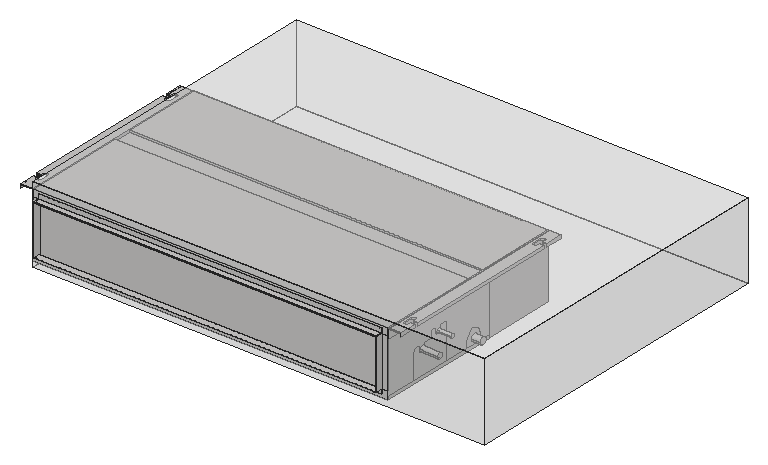
Revit family "outputfile", category 機械設備, Revit 2024
Family settings
  丸型コネクタ寸法 = 半径を使用
  パーツ タイプ = 標準
  OmniClass 番号 = 23.75.10.24.21.27.27
  OmniClass タイトル = Split System Air Conditioning Units
  作業面ベース = いいえ
  常に垂直 = はい
  ロード時にボイドで切り取り = いいえ
  注釈の向きを維持 = いいえ
  共有 = いいえ
  部屋計算ポイント = はい
Parameters (values of type "FDF24BV2S")
  Description = ""
  書き出し IFC クラス(タイプ) = "IfcUnitaryEquipmentType"
  定義済み IFC タイプ(タイプ) = "AIRCONDITIONINGUNIT"
  Cost = 0
  Type Comments = ""
  Keynote = ""
  Type Image = (empty or 0)
  Assembly Code = ""
  switch_frequency = yes
  ld_powersupply = Depth / 2  # 310.0 mm
  製造元 = "Daikin"
  モデル = "FDF24BV2S"
  r_Liquid Pipe Size = Liquid Pipe Size / 2  # 4.75 mm
  r_Gas Pipe Size = Gas Pipe Size / 2  # 7.95 mm
  r_Drain Pipe Size = Drain Pipe Size / 2  # 10.0 mm
  lw_powersupply = 50.0 mm  # constant formula
  lw_ductflange2 = 1020.0 mm
  lw_Width = 1060.0 mm
  lh_suctionflange [instance] = 100.0 mm  # constant formula
  ld_suctionflange [instance] = if(Rear Connection_Return Air, 190.0 mm, 100.0 mm)  # 190.0 mm
  connector_voltage = Voltage_50Hz  # 220 V
  connector_powerinput = [Power Input (Cooling)]  # 0.000 kW
  connector_phase = Phase_50Hz  # 1
  angle_vertical_RA [instance] = if(Rear Connection_Return Air, 90.00°, 0.00°)  # 90.00°
  angle horizontal_RA [instance] = if(Rear Connection_Return Air, 180.00°, 270.00°)  # 180.00°
  Voltage_comment_50Hz = "220 - 240"
  Voltage_50Hz = 220 V
  URL = ""
  Supply Air Direction [instance] = yes
  Sound Power Level_H speed (dB) = 0
  Rear Connection_Return Air [instance] = not(Bottom Connection_Return Air)  # yes
  RA_length [instance] = if(Rear Connection_Return Air, 190.0 mm, 100.0 mm)  # 190.0 mm
  Phase_50Hz = 1
  Minimum External Static Pressure = 0.00 Pa
  Minimum Circuit Amps_50Hz = 0.0 A
  Maximum Fuse Amps_50Hz = 0.0 A
  Maximum External Static Pressure = 40.00 Pa
  Material_Casing = DAIKIN_GalvanizedSteel_Casing_indoorunit
  lw_liquidpipe = 46.0 mm  # constant formula
  lw_gaspipe = 57.0 mm  # constant formula
  lw_mountinghole = 1140.0 mm
  lw_drainpipe = 30.0 mm  # constant formula
  lh_powersupply = 150.0 mm  # constant formula
  lh_liquidpipe = 90.0 mm  # constant formula
  lh_gaspipe = 113.0 mm  # constant formula
  lh_mountinghole = Height  # 200.0 mm
  lh_drainpipe = 170.0 mm  # constant formula
  lh_antena = 1.0 mm  # constant formula
  ld_liquidpipe = 193.0 mm  # constant formula
  ld_gaspipe = 130.0 mm  # constant formula
  ld_mountinghole = 500.0 mm  # constant formula
  ld_drainpipe = 330.0 mm  # constant formula
  ld_controlbox = 626.0 mm  # constant formula
  h*** = 0.0 mm  # constant formula
  d_dischargeflange = 21.2 mm  # constant formula
  Width = 1100.0 mm
  Version = "ver.1.0"
  Unit Type = "L.S.P. Duct"
  Unit Mass Weight = 30.00 kg
  Unit Designation [instance] = ""
  Uniclass2015Version = "Products v1.30"
  Uniclass2015Title = "Split coil room air conditioning units"
  Uniclass2015Code = "Pr_70_65_03_86"
  Total Cooling Capacity [instance] = 0.000 kW
  Sound Pressure Level_M speed (dBA) = 0
  Sound Pressure Level_L speed (dBA) = 34
  Sound Pressure Level_H speed (dBA) = 38
  Series = "SkyAir_Fan Coil Unit"
  Sensible Cooling Capacity [instance] = 0.000 kW
  SA Duct Size Width = 1060.0 mm
  SA Duct Size Height = 153.0 mm
  Refrigerant Type = "R32"
  RA Duct Size Width = 980.0 mm
  RA Duct Size Height = 160.0 mm
  Power Input (Cooling) = 0.000 kW
  Option Accessory 3 [instance] = ""
  Option Accessory 2 [instance] = ""
  Option Accessory 1 [instance] = ""
  Nominal Cooling Capacity = 7.000 kW
  Minimum Airflow = 810.00 m³/h
  Median Airflow = 0.00 m³/h
  Maximum Airflow = 960.00 m³/h
  Load Classification = HVAC
  Liquid Pipe Size = 9.5 mm
  Link_Nested Family [instance] = ""
  IfcVersion = ""
  IfcExportType = "AIRCONDITIONINGUNIT"
  IfcExportAs = "IfcUnitaryEquipmentType"
  Height = 200.0 mm
  Heat Exchanger Type = "Cross Fin Coil"
  Gas Pipe Size = 15.9 mm
  Frequency_50Hz = 50 Hz
  Fan Type = "Sirocco Fan"
  Fan Drive = "Direct Drive"
  FCU Tag No. [instance] = ""
  Drain Pipe Size = 20.0 mm
  Design Supply Airflow [instance] = 0.00 m³/h
  Design Return Airflow [instance] = 0.00 m³/h
  Design External Static Pressure [instance] = 0.00 Pa
  Depth = 620.0 mm
  既定の高さ = 0.0 mm
  Cooling Entering Wet Bulb Temperature [instance] = 0.00 °C
  Cooling Entering Dry Bulb Temperature [instance] = 0.00 °C
  Cooling Ambient Wet Bulb Temperature [instance] = 0.00 °C
  Cooling Ambient Dry Bulb Temperature [instance] = 0.00 °C
  Clearance visibility [instance] = yes
  Clearance Top = 20.0 mm
  Clearance Right = 300.0 mm
  Clearance Rear = 400.0 mm
  Clearance Left = 0.0 mm
  Clearance Front = 0.0 mm
  Clearance Bottom = 20.0 mm
  Bottom Connection_Return Air [instance] = no
Reference planes
  plane 1 "Center (Front/Back)": y = 0
  plane 2: z = 0
  plane 3 "Center (Left/Right)": x = 0
  plane 4 "Back": y = 310
  plane 5 "Front": y = -310
  plane 6 "Left": x = -550
  plane 7 "Right": x = 550
  plane 8 "Top": z = 0
  plane 9 "Bottom": z = -200
  plane 10: x = -570
  plane 11: x = 570
  plane 12: y = 250
  plane 13: z = 0
  plane 14 "Clearance Left": x = -550
  plane 15 "Clearance Right": x = 850
  plane 16 "Clearance Rear": y = 710
  plane 17 "Clearance Front": y = -310
  plane 18 "Clearance Top": z = 20
  plane 19 "Clearance Bottom": z = -220
  plane 20: y = -250
  plane 21: z = -21
  plane 22: z = -97.5
  plane 23: x = -40
  plane 24: y = 120
  plane 25: z = -100
  plane 26: y = -180
  plane 27: z = -113
  plane 28: y = -117
  plane 29: z = -90
  plane 30: y = 20
  plane 31: z = -170
  plane 32: x = 607
  plane 33: x = 596
  plane 34: x = 580
  plane 35: x = 500
  plane 36: z = -150
Forms (mm)
  Extrusion 1, solid, material "DAIKIN_GalvanizedSteel_Casing_indoorunit" <- "Material_Casing"
    sketch origin (0, 0, 0) x (1, 0, 0) y (0, 1, 0)
      loop
        line (-550, -310) -> (550, -310) -> (550, 310) -> (-550, 310) -> (-550, -310)
    from -200 to 0
  Extrusion 2, void
    sketch origin (0, 0, 1) x (1, 0, 0) y (0, 1, 0)
      loop
        line (-550, 61.5) -> (-550, 3.5) -> (550, 3.5) -> (550, 61.5) -> (-550, 61.5)
    from -1 to -7
  Extrusion 3, solid, material "DAIKIN_GalvanizedSteel_Casing_indoorunit" <- "Material_Casing", visible <- "Bottom Connection_Return Air"
    sketch origin (0, 0, 0) x (1, 0, 0) y (0, 0, 1)
      loop
        line (469, -200) -> (469, -1) -> (-549, -1) -> (-549, -200) -> (469, -200)
    from -310 to -309
  Extrusion 4, solid, material "DAIKIN_GalvanizedSteel_Casing_indoorunit" <- "Material_Casing", visible <- "Rear Connection_Return Air"
    sketch origin (0, 0, 0) x (1, 0, 0) y (0, 1, 0)
      loop
        line (-549, 310) -> (-549, 111) -> (469, 111) -> (469, 310) -> (-549, 310)
    from -200 to -199
  Extrusion 5, solid, material "DAIKIN_GalvanizedSteel_Casing_indoorunit" <- "Material_Casing"
    sketch origin (550, 0, 0) x (0, 1, 0) y (0, 0, 1)
      loop
        circle (-180, -113) r 7.95
    from 0 to 57
  Extrusion 6, solid, material "DAIKIN_GalvanizedSteel_Casing_indoorunit" <- "Material_Casing"
    sketch origin (550, 0, 0) x (0, 1, 0) y (0, 0, 1)
      loop
        circle (-117, -90) r 4.75
    from 0 to 46
  Extrusion 7, solid, material "DAIKIN_GalvanizedSteel_Casing_indoorunit" <- "Material_Casing"
    sketch origin (550, 0, 0) x (0, 1, 0) y (0, 0, 1)
      loop
        circle (20, -170) r 10
    from 0 to 30
  Extrusion 8, solid, material "DAIKIN_GalvanizedSteel_Casing_indoorunit" <- "Material_Casing"
    sketch origin (550, 0, 0) x (0, 1, 0) y (0, 0, 1)
      loop
        line (-310, -200) -> (78.6, -200) -> (78.6, -193)
        arc (78.6, -193) -> (77.721, -190.879) -> (75.6, -190) r 3
        line (75.6, -190) -> (-310, -190) -> (-310, -200)
    from 0 to -1
  Extrusion 9, solid, material "DAIKIN_GalvanizedSteel_Casing_indoorunit" <- "Material_Casing"
    sketch origin (550, 0, 0) x (0, 1, 0) y (0, 0, 1)
      loop
        line (-210, -190) -> (-85.6, -190) -> (-85.6, -83)
        arc (-85.6, -83) -> (-86.479, -80.879) -> (-88.6, -80) r 3
        line (-88.6, -80) -> (-102, -80)
        arc (-102, -80) -> (-104.121, -80.879) -> (-105, -83) r 3
        line (-105, -83) -> (-105, -90)
        arc (-105, -90) -> (-117, -102) -> (-129, -90) r 12
        line (-129, -90) -> (-129, -83)
        arc (-129, -83) -> (-129.879, -80.879) -> (-132, -80) r 3
        line (-132, -80) -> (-136.1, -80)
        arc (-136.1, -80) -> (-138.221, -80.879) -> (-139.1, -83) r 3
        line (-139.1, -83) -> (-139.1, -102.7) -> (-165, -102.7)
        arc (-165, -102.7) -> (-167.121, -103.579) -> (-168, -105.7) r 3
        line (-168, -105.7) -> (-168, -113)
        arc (-168, -113) -> (-180, -125) -> (-192, -113) r 12
        line (-192, -113) -> (-192, -105.7)
        arc (-192, -105.7) -> (-192.879, -103.579) -> (-195, -102.7) r 3
        line (-195, -102.7) -> (-207, -102.7)
        arc (-207, -102.7) -> (-209.121, -103.579) -> (-210, -105.7) r 3
        line (-210, -105.7) -> (-210, -190)
    from 0 to -1
  Extrusion 10, solid, material "DAIKIN_GalvanizedSteel_Casing_indoorunit" <- "Material_Casing"
    sketch origin (550, 0, 0) x (0, 1, 0) y (0, 0, 1)
      loop
        arc (44.5, -170) -> (20, -145.5) -> (-4.5, -170) r 24.5
        line (-4.5, -170) -> (-4.5, -190) -> (44.5, -190) -> (44.5, -170)
    from 0 to -1
  Extrusion 11, solid, material "DAIKIN_GalvanizedSteel_Casing_indoorunit" <- "Material_Casing"
    sketch origin (550, 0, 0) x (0, 1, 0) y (0, 0, 1)
      loop
        arc (86.6, -22) -> (84.479, -22.879) -> (83.6, -25) r 3
        line (83.6, -25) -> (83.6, -194.5)
        arc (83.6, -194.5) -> (84.479, -196.621) -> (86.6, -197.5) r 3
        line (86.6, -197.5) -> (307, -197.5)
        arc (307, -197.5) -> (309.121, -196.621) -> (310, -194.5) r 3
        line (310, -194.5) -> (310, -25)
        arc (310, -25) -> (309.121, -22.879) -> (307, -22) r 3
        line (307, -22) -> (86.6, -22)
    from 0 to -1
Cuts and joins
  Extrusion 2 cuts Extrusion 1
Dimensions and locks
  "Height": plane 8 "Top" to plane 9 "Bottom"
  equal spacing: plane 10, plane 3 "Center (Left/Right)", plane 11
  "lw_mountinghole": plane 10 to plane 11
  equal spacing: plane 6 "Left", plane 3 "Center (Left/Right)", plane 7 "Right"
  "Width": plane 6 "Left" to plane 7 "Right"
  "Clearance Right": plane 7 "Right" to plane 15 "Clearance Right"
  "Clearance Left": plane 14 "Clearance Left" to plane 6 "Left"
  "Clearance Rear": plane 16 "Clearance Rear" to plane 4 "Back"
  "Clearance Front": plane 5 "Front" to plane 17 "Clearance Front"
  "Clearance Top": plane 18 "Clearance Top" to plane 8 "Top"
  "Clearance Bottom": plane 9 "Bottom" to plane 19 "Clearance Bottom"
  "Depth": plane 4 "Back" to plane 5 "Front"
  equal spacing: plane 4 "Back", plane 1 "Center (Front/Back)", plane 5 "Front"
  Extrusion 3 sketch curve to Extrusion 3 sketch curve = 199.0 mm
  locked: plane 20 to plane 5 "Front" at 60
  "ld_mountinghole": plane 12 to plane 20
  locked: plane 8 "Top" to plane 21 at 21
  locked: plane 23 to plane 3 "Center (Left/Right)" at 40
  "ld_suctionflange": plane 4 "Back" to plane 24
  "lh_suctionflange": plane 8 "Top" to plane 25
  "ld_gaspipe": plane 26 to plane 5 "Front"
  "lh_gaspipe": plane 8 "Top" to plane 27
  "ld_liquidpipe": plane 28 to plane 5 "Front"
  "lh_liquidpipe": plane 8 "Top" to plane 29
  "ld_drainpipe": plane 30 to plane 5 "Front"
  "lh_drainpipe": plane 8 "Top" to plane 31
  "lw_gaspipe": plane 7 "Right" to plane 32
  "lw_liquidpipe": plane 7 "Right" to plane 33
  "lw_drainpipe": plane 7 "Right" to plane 34
  "lw_powersupply": plane 35 to plane 7 "Right"
  "lh_powersupply": plane 8 "Top" to plane 36
  "r_Gas Pipe Size": radius of Extrusion 5 sketch curve
  "r_Liquid Pipe Size": radius of Extrusion 6 sketch curve
  "r_Drain Pipe Size": radius of Extrusion 7 sketch curve
  aligned and locked: level to plane 2
  aligned and locked: Extrusion 1 to plane 9 "Bottom"
  aligned and locked: plane 8 "Top" to Extrusion 1
  aligned and locked: plane 11 to nested 2
  aligned and locked: plane 10 to nested 3
  aligned and locked: plane 10 to nested 4
  aligned and locked: plane 8 "Top" to Extrusion 2
  aligned and locked: plane 9 "Bottom" to Extrusion 4  (x2)
  aligned and locked: plane 7 "Right" to cut or joined group of Extrusion 1, Extrusion 2  (x2)
  aligned and locked: plane 3 "Center (Left/Right)" to nested 9
  aligned and locked: plane 6 "Left" to nested 7
  aligned and locked: plane 8 "Top" to nested 9
  aligned and locked: plane 11 to nested 1
  aligned and locked: nested 6 to plane 1 "Center (Front/Back)"
  aligned and locked: plane 3 "Center (Left/Right)" to nested 6
  aligned and locked: level to plane 8 "Top"
  aligned and locked: plane 1 "Center (Front/Back)" to nested 9
  aligned and locked: plane 5 "Front" to nested 10
  aligned and locked: Extrusion 1 sketch curve to plane 5 "Front"
  aligned and locked: plane 21 to nested 10
  aligned and locked: nested 5 to plane 5 "Front"
  aligned and locked: plane 3 "Center (Left/Right)" to nested 5
  aligned and locked: plane 22 to nested 5
  aligned and locked: Extrusion 2 sketch curve to plane 6 "Left"
  aligned and locked: plane 7 "Right" to Extrusion 2 sketch curve
  aligned and locked: nested 11 to plane 23
  aligned and locked: nested 11 to plane 24
  aligned and locked: plane 27 to Extrusion 5 sketch curve
  aligned and locked: plane 26 to Extrusion 5 sketch curve
  aligned and locked: plane 28 to Extrusion 6 sketch curve
  aligned and locked: plane 29 to Extrusion 6 sketch curve
  aligned and locked: plane 31 to Extrusion 7 sketch curve
  aligned and locked: plane 30 to Extrusion 7 sketch curve
  aligned and locked: plane 26 to nested 12
  aligned and locked: nested 12 to plane 27
  aligned and locked: plane 32 to Extrusion 5
  aligned and locked: plane 32 to nested 12
  aligned and locked: plane 33 to Extrusion 6
  aligned and locked: plane 28 to nested 13
  aligned and locked: nested 13 to plane 29
  aligned and locked: plane 33 to nested 13
  aligned and locked: plane 34 to Extrusion 7
  aligned and locked: plane 30 to nested 14
  aligned and locked: nested 14 to plane 31
  aligned and locked: plane 34 to nested 14
  aligned and locked: Extrusion 8 sketch curve to plane 9 "Bottom"
  aligned and locked: Extrusion 8 sketch curve to plane 5 "Front"
  aligned and locked: plane 14 "Clearance Left" to nested 15
  aligned and locked: plane 15 "Clearance Right" to nested 15
  aligned and locked: plane 16 "Clearance Rear" to nested 15
  aligned and locked: nested 15 to plane 17 "Clearance Front"
  aligned and locked: nested 15 to plane 18 "Clearance Top"
  aligned and locked: nested 15 to plane 19 "Clearance Bottom"
  aligned and locked: nested 16 to plane 35
  aligned and locked: nested 16 to plane 36
  aligned and locked: plane 4 "Back" to nested 16
Automatic sketch dimensions
  Extrusion 1 sketch curve to plane 4 "Back" = 0.0 mm
  Extrusion 1 sketch curve to plane 6 "Left" = 0.0 mm
  Extrusion 1 sketch curve to plane 7 "Right" = 0.0 mm
  Extrusion 4 sketch curve to plane 4 "Back" = 0.0 mm
  plane 6 "Left" to Extrusion 3 sketch curve = 1.0 mm
  plane 6 "Left" to Extrusion 4 sketch curve = 1.0 mm
  Extrusion 4 sketch curve to plane 1 "Center (Front/Back)" = 111.0 mm
  Extrusion 3 sketch curve to plane 9 "Bottom" = 0.0 mm
  Extrusion 3 sketch curve to plane 7 "Right" = 81.0 mm
  Extrusion 4 sketch curve to plane 7 "Right" = 81.0 mm
  Extrusion 2 sketch curve to plane 1 "Center (Front/Back)" = 3.5 mm
  Extrusion 2 sketch curve to Extrusion 2 sketch curve = 58.0 mm
  plane 9 "Bottom" to Extrusion 8 sketch curve = 7.0 mm
  Extrusion 8 sketch curve to plane 24 = 44.4 mm
  Extrusion 8 sketch curve to Extrusion 8 sketch curve = 3.0 mm
  Extrusion 9 sketch curve to plane 27 = 0.0 mm
  Extrusion 9 sketch curve to plane 26 = 0.0 mm
  Extrusion 9 sketch curve to plane 29 = 0.0 mm
  Extrusion 9 sketch curve to plane 28 = 0.0 mm
  Extrusion 9 sketch curve to plane 26 = 12.0 mm
  Extrusion 9 sketch curve to plane 25 = 2.7 mm  (x2)
  Extrusion 9 sketch curve to Extrusion 9 sketch curve = 3.0 mm  (x6)
  Extrusion 9 sketch curve to Extrusion 9 sketch curve = 12.0 mm
  plane 9 "Bottom" to Extrusion 9 sketch curve = 10.0 mm
  Extrusion 9 sketch curve to plane 26 = 30.0 mm
  Extrusion 9 sketch curve to plane 28 = 22.1 mm
  Extrusion 9 sketch curve to Extrusion 9 sketch curve = 4.1 mm
  plane 29 to Extrusion 9 sketch curve = 7.0 mm  (x2)
  Extrusion 9 sketch curve to Extrusion 9 sketch curve = 13.4 mm
  Extrusion 10 sketch curve to plane 30 = 0.0 mm
  Extrusion 10 sketch curve to plane 31 = 0.0 mm
  plane 1 "Center (Front/Back)" to Extrusion 10 sketch curve = 4.5 mm
  plane 9 "Bottom" to Extrusion 10 sketch curve = 10.0 mm
  Extrusion 11 sketch curve to plane 4 "Back" = 0.0 mm
  Extrusion 11 sketch curve to Extrusion 11 sketch curve = 3.0 mm  (x3)
  Extrusion 11 sketch curve to plane 21 = 1.0 mm
  Extrusion 11 sketch curve to plane 21 = 4.0 mm
  Extrusion 11 sketch curve to plane 24 = 33.4 mm
  plane 9 "Bottom" to Extrusion 11 sketch curve = 5.5 mm
Nested families
  nested 1: "daikin_mountinghole" at (570, 250, -200), l_antenna <- "lh_antena", Link_Nested Family <- "Link_Nested Family", h_mountinghole <- "lh_mountinghole", type "daikin_mountinghole"
    with show yes, l_antenna 1.0 mm, h_mountinghole 200.0 mm, Link_Nested Family ""
  nested 2: "daikin_mountinghole" at (570, -250, -200), Link_Nested Family <- "Link_Nested Family", l_antenna <- "lh_antena", h_mountinghole <- "lh_mountinghole", type "daikin_mountinghole"
    with show yes, l_antenna 1.0 mm, h_mountinghole 200.0 mm, Link_Nested Family ""
  nested 3: "daikin_mountinghole" at (-570, -250, -200), l_antenna <- "lh_antena", Link_Nested Family <- "Link_Nested Family", h_mountinghole <- "lh_mountinghole", type "daikin_mountinghole"
    with show yes, l_antenna 1.0 mm, h_mountinghole 200.0 mm, Link_Nested Family ""
  nested 4: "daikin_mountinghole" at (-570, 250, -200), l_antenna <- "lh_antena", Link_Nested Family <- "Link_Nested Family", h_mountinghole <- "lh_mountinghole", type "daikin_mountinghole"
    with show yes, l_antenna 1.0 mm, h_mountinghole 200.0 mm, Link_Nested Family ""
  nested 5: "daikin_connector_rotate2" at (0, -310, -97.5), length <- "d_dischargeflange", type "daikin_connector_rotate2"
    with radius 10.0 mm, length 21.2 mm, angle_vertical 90.00°, show_face no
  nested 6: "daikin_△_symbolicline" at (-75, -129.904, 200) x (-0.5, 0.866, 0) z (0, 0, 1), built-in parameter 1001364 <- "Height", visible <- "Supply Air Direction", type "daikin_△_symbolicline"
    with length 300.0 mm
  nested 7: "daikin_ductflange_FDF-BV2S_1" at (-40, 310, -100), visible <- "Rear Connection_Return Air", material <- "Material_Casing", width <- "lw_ductflange2", type "daikin_ductflange_FDF-BV2S_1"
    with width 1020.0 mm, material DAIKIN_GalvanizedSteel_Casing_indoorunit, height 180.0 mm, depth 21.2 mm
  nested 8: "daikin_ductflange_FDF-BV2S_1" at (-40, 210, -200) x (1, 0, 0) z (0, 1, 0), visible <- "Bottom Connection_Return Air", material <- "Material_Casing", width <- "lw_ductflange2", type "daikin_ductflange_FDF-BV2S_1"
    with width 1020.0 mm, material DAIKIN_GalvanizedSteel_Casing_indoorunit, height 180.0 mm, depth 21.2 mm
  nested 9: "daikin_hangerfixture_FDF-BV2S" at (0, 0, 0), type "daikin_hangerfixture_FDF-BV2S"
    with width 1100.0 mm
  nested 10: "daikin_ductflange_FDF-BV2S" at (0, 3.5, -364.201), width <- "lw_Width", material <- "Material_Casing", type "daikin_ductflange_FDF-BV2S"
    with width 1060.0 mm, material DAIKIN_GalvanizedSteel_Casing_indoorunit, height 155.0 mm, depth 21.2 mm
  nested 11: "daikin_connector_rotate3" at (-40, 120, -100), length <- "RA_length", angle_vertical <- "angle_vertical_RA", angle_horizontal <- "angle horizontal_RA", type "daikin_connector_rotate3"
    with show no, radius 10.0 mm, length 190.0 mm, angle_vertical 90.00°, angle_horizontal 180.00°
  nested 12: "daikin_connector_rotate2" at (550, -180, -113) x (0, 1, 0) z (0, 0, 1), length <- "lw_gaspipe", radius <- "r_Gas Pipe Size", type "daikin_connector_rotate2"
    with radius 7.95 mm, length 57.0 mm, angle_vertical 90.00°, show_face no
  nested 13: "daikin_connector_rotate2" at (550, -117, -90) x (0, 1, 0) z (0, 0, 1), radius <- "r_Liquid Pipe Size", length <- "lw_liquidpipe", type "daikin_connector_rotate2"
    with radius 4.75 mm, length 46.0 mm, angle_vertical 90.00°, show_face no
  nested 14: "daikin_connector_rotate2" at (550, 20, -170) x (0, 1, 0) z (0, 0, 1), radius <- "r_Drain Pipe Size", length <- "lw_drainpipe", type "daikin_connector_rotate2"
    with radius 10.0 mm, length 30.0 mm, angle_vertical 90.00°, show_face no
  nested 15: "daikin_clearancespace" at (150, 200, -99.881), visible <- "Clearance visibility", Link_Nested Family <- "Link_Nested Family", show <- "Clearance visibility", type "daikin_clearancespace"
    with width 1400.0 mm, show yes, height 240.0 mm, depth 1020.0 mm, Link_Nested Family ""
  nested 16: "daikin_connector_rotate2" at (500, 0, -150) x (-1, 0, 0) z (0, 0, 1), length <- "ld_powersupply", type "daikin_connector_rotate2"
    with radius 10.0 mm, length 310.0 mm, angle_vertical 90.00°, show_face no
Connectors
  hvac at (0, -331.2, -97.5), driven by "SA Duct Size Height", driven by "SA Duct Size Width"
    settings: on nested 5, index 1, duct flow 0.00 m³/h, flow factor 0, pres drop 0.00 Pa, loss coef 0, conn angle 0.00°, conn width 1060.0 mm, conn height 153.0 mm, conn diameter 609.6 mm, duct sys type 1, conn prof type 1, flow config 0, flow direction 2, loss method 4, conn ref index -1, conn util no, is conn primary yes, conn desc "SA Duct"
  hvac at (-40, 310, -100), driven by "RA Duct Size Height", driven by "RA Duct Size Width"
    settings: on nested 11, index 2, duct flow 0.00 m³/h, flow factor 0, pres drop 0.00 Pa, loss coef 0, conn angle 0.00°, conn width 980.0 mm, conn height 160.0 mm, conn diameter 609.6 mm, duct sys type 2, conn prof type 1, flow config 0, flow direction 1, loss method 4, conn ref index -1, conn util no, is conn primary no, conn desc "RA Duct"
  piping at (607, -180, -113), diameter 15.9, driven by "r_Gas Pipe Size"
    settings: on nested 12, index 3, connector inside diameter 609.6 mm, connector length 0.0 mm, flow factor 0, pipe flow 0.00 m³/h, pressure drop 0.0 Pa, fitting loss kfactor 0, connector angle 0.00°, fixture units 0, engagement length 0.0 mm, angle of deflection 0.00°, flow configuration 1, flow direction 2, fitting loss method 0, system type 29, joint type 0, gender type 0, connector reference index -1, connector utility 0, adjustable connector no, is connector primary yes, connector description "Refrigerant Gas Piping"
  piping at (596, -117, -90), diameter 9.5, driven by "r_Liquid Pipe Size"
    settings: on nested 13, index 4, connector inside diameter 609.6 mm, connector length 0.0 mm, flow factor 0, pipe flow 0.00 m³/h, pressure drop 0.0 Pa, fitting loss kfactor 0, connector angle 0.00°, fixture units 0, engagement length 0.0 mm, angle of deflection 0.00°, flow configuration 1, flow direction 1, fitting loss method 0, system type 29, joint type 0, gender type 0, connector reference index -1, connector utility 0, adjustable connector no, is connector primary no, connector description "Refrigerant Liquid Piping"
  piping at (580, 20, -170), diameter 20, driven by "r_Drain Pipe Size"
    settings: on nested 14, index 5, connector inside diameter 609.6 mm, connector length 0.0 mm, flow factor 0, pipe flow 0.00 m³/h, pressure drop 0.0 Pa, fitting loss kfactor 0, connector angle 0.00°, fixture units 0, engagement length 0.0 mm, angle of deflection 0.00°, flow configuration 1, flow direction 2, fitting loss method 4, system type 16, joint type 0, gender type 0, connector reference index -1, connector utility 0, adjustable connector no, is connector primary no, connector description "Condensate Drain Piping"
  electrical at (500, 310, -150), driven by "Load Classification", driven by "connector_powerinput", driven by "connector_phase", driven by "connector_voltage"
    settings: on nested 16, index 6, voltage 220 V, apparent load 0 VA, apparent load phase1 0 VA, apparent load phase2 0 VA, apparent load phase3 0 VA, power factor 1, load classification "HVAC", number of poles 1, system type 30, power factor state 1, is connector primary yes, connector utility no, sub classification motor no, connector description "Power Supply"
Definition of nested family "daikin_ductflange_FDF-BV2S_1"
  Parameters (values of type "daikin_ductflange_FDF-BV2S_1")
    width [instance] = 620.0 mm
    material [instance] = none
    height [instance] = 180.0 mm
    depth [instance] = 21.2 mm
    Default Elevation = 0.0 mm
  Reference planes
    plane 1 "Center (Front/Back)": y = 0
    plane 2: z = 0
    plane 3 "Center (Left/Right)": x = 0
    plane 4: x = -310
    plane 5: x = 310
    plane 6: z = 90
    plane 7: z = -90
    plane 8: z = 100
    plane 9: z = -100
    plane 10: x = -309
    plane 11: x = 309
  Forms (mm)
    Extrusion 1, solid, material <- "material"
      sketch origin (0, 0, 0) x (1, 0, 0) y (0, 0, 1)
        loop
          line (-290, 80) -> (-290, -80) -> (290, -80) -> (290, 80) -> (-290, 80)
        loop
          line (-309, -99) -> (309, -99) -> (309, 99) -> (-309, 99) -> (-309, -99)
      from 0 to 1
  Dimensions and locks
    equal spacing: plane 5, plane 3 "Center (Left/Right)", plane 4, locked at 310 each
    "width": plane 5 to plane 4
    equal spacing: plane 6, level, plane 7, locked at 90 each
    "height": plane 6 to plane 7
    equal spacing: plane 8, level, plane 9, locked at 100 each
    locked: plane 8 to plane 9 at 200
    plane 10 to plane 4 = 1.0 mm
    locked: plane 5 to plane 11 at 1
    locked: Extrusion 1 sketch curve to Extrusion 1 sketch curve at 19  (x4)
    plane 8 to Extrusion 1 sketch curve = 1.0 mm
    locked: Extrusion 1 sketch curve to plane 9 at 1
    aligned and locked: level to plane 2
  Automatic sketch dimensions
    plane 4 to Extrusion 1 sketch curve = 1.0 mm
    Extrusion 1 sketch curve to plane 5 = 1.0 mm
Definition of nested family "daikin_hangerfixture_FDF-BV2S"
  Parameters (values of type "daikin_hangerfixture_CDKS-EAVMA")
    width = 700.0 mm
    material = none
    height = 30.0 mm
    depth = 618.0 mm
    Default Elevation = 0.0 mm
  Reference planes
    plane 1 "Center (Front/Back)": y = 0
    plane 2: z = 0
    plane 3 "Center (Left/Right)": x = 0
    plane 4: x = 350
    plane 5: y = 309
    plane 6: y = -309
    plane 7: x = -350
    plane 8: z = -30
  Forms (mm)
    Extrusion 1, solid, material <- "material"
      sketch origin (0, 0, 0) x (1, 0, 0) y (0, 0, 1)
        loop
          line (350, 0) -> (350, -30) -> (352.3, -30) -> (352.3, -2.3) -> (387.7, -2.3) -> (387.7, -10) -> (390, -10) -> (390, 0) -> (350, 0)
      from -309 to 309
    Extrusion 2, void
      sketch origin (0, 0, 0) x (0, 1, 0) y (0, 0, 1)
        loop
          line (309, -30) -> (309, -17.979) -> (87.935, -17.979) -> (75.914, -30) -> (309, -30)
      from 0 to 450
    Extrusion 3, void
      sketch origin (0, 0, 0) x (1, 0, 0) y (0, 1, 0)
        loop
          line (390, -243.5) -> (377, -243.5) -> (377, -237)
          arc (377, -237) -> (370, -230) -> (363, -237) r 7
          line (363, -237) -> (363, -263)
          arc (363, -263) -> (370, -270) -> (377, -263) r 7
          line (377, -263) -> (377, -256.5) -> (390, -256.5) -> (390, -243.5)
        loop
          line (390, 243.5) -> (390, 256.5) -> (377, 256.5) -> (377, 263)
          arc (377, 263) -> (370, 270) -> (363, 263) r 7
          line (363, 263) -> (363, 237)
          arc (363, 237) -> (370, 230) -> (377, 237) r 7
          line (377, 237) -> (377, 243.5) -> (390, 243.5)
      from -254.96 to 618
    Extrusion 4, solid, material <- "material"
      sketch origin (0, 0, 0) x (-1, 0, 0) y (0, 0, -1)
        loop
          line (350, 0) -> (390, 0) -> (390, 10) -> (387.7, 10) -> (387.7, 2.3) -> (352.3, 2.3) -> (352.3, 30) -> (350, 30) -> (350, 0)
      from -309 to 309
    Extrusion 5, void
      sketch origin (0, 0, 0) x (-1, 0, 0) y (0, -1, 0)
        loop
          line (390, 243.5) -> (390, 256.5) -> (377, 256.5) -> (377, 263)
          arc (377, 263) -> (370, 270) -> (363, 263) r 7
          line (363, 263) -> (363, 237)
          arc (363, 237) -> (370, 230) -> (377, 237) r 7
          line (377, 237) -> (377, 243.5) -> (390, 243.5)
        loop
          line (390, -243.5) -> (377, -243.5) -> (377, -237)
          arc (377, -237) -> (370, -230) -> (363, -237) r 7
          line (363, -237) -> (363, -263)
          arc (363, -263) -> (370, -270) -> (377, -263) r 7
          line (377, -263) -> (377, -256.5) -> (390, -256.5) -> (390, -243.5)
      from -254.96 to 618
  Cuts and joins
    Extrusion 2, Extrusion 3, Extrusion 5 cuts Extrusion 1
    Extrusion 5 cuts Extrusion 4
  Dimensions and locks
    equal spacing: plane 5, plane 1 "Center (Front/Back)", plane 6
    "depth": plane 5 to plane 6
    plane 6 to plane 1 "Center (Front/Back)" to plane 5 = 309.0 mm, 309.0 mm
    equal spacing: plane 4, plane 3 "Center (Left/Right)", plane 7
    "width": plane 4 to plane 7
    "height": level to plane 8
    aligned and locked: level to plane 2
    aligned and locked: plane 5 to Extrusion 1
    aligned and locked: Extrusion 1 to plane 6
    aligned and locked: Extrusion 1 to plane 4
    aligned and locked: plane 5 to cut or joined group of Extrusion 1, Extrusion 2, Extrusion 3, Extrusion 5
    aligned and locked: cut or joined group of Extrusion 1, Extrusion 2, Extrusion 3, Extrusion 5 to plane 6
    aligned and locked: level to cut or joined group of Extrusion 1, Extrusion 2, Extrusion 3, Extrusion 5
    aligned and locked: cut or joined group of Extrusion 1, Extrusion 2, Extrusion 3, Extrusion 5 to plane 8
    aligned and locked: plane 5 to cut or joined group of Extrusion 4, Extrusion 5
    aligned and locked: cut or joined group of Extrusion 4, Extrusion 5 to plane 6
  Automatic sketch dimensions
    Extrusion 1 sketch curve to plane 4 = 0.0 mm
    Extrusion 1 sketch curve to plane 8 = 0.0 mm
    Extrusion 1 sketch curve to level = 0.0 mm
    plane 4 to Extrusion 1 sketch curve = 2.3 mm
    Extrusion 1 sketch curve to level = 2.3 mm
    Extrusion 1 sketch curve to Extrusion 1 sketch curve = 35.4 mm
    Extrusion 1 sketch curve to Extrusion 1 sketch curve = 2.3 mm
    Extrusion 1 sketch curve to Extrusion 1 sketch curve = 7.7 mm
    Extrusion 2 sketch curve to plane 8 = 0.0 mm
    Extrusion 2 sketch curve to plane 5 = 0.0 mm
    plane 8 to Extrusion 2 sketch curve = 12.021 mm
    Extrusion 2 sketch curve to plane 1 "Center (Front/Back)" = 87.935 mm
    Extrusion 2 sketch curve to Extrusion 2 sketch curve = 12.021 mm
    plane 4 to Extrusion 3 sketch curve = 13.0 mm  (x2)
    Extrusion 3 sketch curve to Extrusion 3 sketch curve = 7.0 mm  (x4)
    Extrusion 3 sketch curve to Extrusion 3 sketch curve = 13.0 mm  (x4)
    plane 6 to Extrusion 3 sketch curve = 46.0 mm
    Extrusion 3 sketch curve to Extrusion 3 sketch curve = 6.5 mm  (x4)
    Extrusion 3 sketch curve to plane 5 = 72.0 mm
    Extrusion 4 sketch curve to plane 7 = 0.0 mm
    Extrusion 4 sketch curve to plane 8 = 0.0 mm
    Extrusion 4 sketch curve to level = 0.0 mm
    Extrusion 4 sketch curve to plane 7 = 2.3 mm
    Extrusion 4 sketch curve to level = 2.3 mm
    Extrusion 4 sketch curve to Extrusion 4 sketch curve = 35.4 mm
    Extrusion 4 sketch curve to Extrusion 4 sketch curve = 2.3 mm
    Extrusion 4 sketch curve to Extrusion 4 sketch curve = 7.7 mm
    Extrusion 5 sketch curve to plane 7 = 13.0 mm  (x2)
    Extrusion 5 sketch curve to Extrusion 5 sketch curve = 7.0 mm  (x4)
    Extrusion 5 sketch curve to Extrusion 5 sketch curve = 13.0 mm  (x4)
    Extrusion 5 sketch curve to plane 5 = 46.0 mm
    Extrusion 5 sketch curve to Extrusion 5 sketch curve = 6.5 mm  (x4)
    plane 6 to Extrusion 5 sketch curve = 72.0 mm
Definition of nested family "daikin_ductflange_FDF-BV2S"
  Parameters (values of type "daikin_ductflange_FXDQ-NDVET")
    width [instance] = 660.0 mm
    material [instance] = none
    height [instance] = 155.0 mm
    depth [instance] = 21.2 mm
    Default Elevation = 0.0 mm
  Reference planes
    plane 1 "Center (Front/Back)": y = 0
    plane 2: z = 189.201
    plane 3 "Center (Left/Right)": x = 0
    plane 4: y = -313.5
    plane 5: x = -330
    plane 6: x = 330
    plane 7: y = -334.7
    plane 8: z = 344.201
    plane 9: z = 266.701
    plane 10: z = 343.201
    plane 11: z = 190.201
  Forms (mm)
    Extrusion 1, solid, material <- "material"
      sketch origin (0, 0, 189.201) x (1, 0, 0) y (0, 1, 0)
        loop
          line (-330, -334.7) -> (-330, -313.5) -> (-350, -313.5) -> (-350, -314.5) -> (-331, -314.5) -> (-331, -334.7) -> (-330, -334.7)
        loop
          line (330, -334.7) -> (331, -334.7) -> (331, -314.5) -> (350, -314.5) -> (350, -313.5) -> (330, -313.5) -> (330, -334.7)
      from 1 to 154
    Extrusion 2, solid, material <- "material"
      sketch origin (0, 0, 0) x (0, 1, 0) y (0, 0, 1)
        loop
          line (-313.5, 343.201) -> (-313.5, 358.201) -> (-314.5, 358.201) -> (-314.5, 344.201) -> (-334.7, 344.201) -> (-334.7, 343.201) -> (-313.5, 343.201)
        loop
          line (-313.5, 190.201) -> (-334.7, 190.201) -> (-334.7, 189.201) -> (-314.5, 189.201) -> (-314.5, 175.201) -> (-313.5, 175.201) -> (-313.5, 190.201)
      from -330 to 330
  Dimensions and locks
    plane 4 to plane 1 "Center (Front/Back)" = 313.5 mm
    "depth": plane 7 to plane 4
    equal spacing: plane 8, plane 9, level
    "height": plane 8 to level
    equal spacing: plane 6, plane 3 "Center (Left/Right)", plane 5
    "width": plane 6 to plane 5
    locked: plane 8 to plane 10 at 1
    locked: plane 11 to level at 1
    locked: Extrusion 1 to Extrusion 2 sketch curve at 1
    locked: Extrusion 2 sketch curve to Extrusion 1 at 1
    plane 10 to plane 11 = 153.0 mm
    aligned and locked: level to plane 2
    aligned and locked: Extrusion 2 to plane 5
    aligned and locked: Extrusion 2 to plane 11
    aligned and locked: Extrusion 2 to plane 10
    aligned and locked: plane 6 to Extrusion 2
    aligned and locked: plane 5 to Extrusion 2  (x2)
    aligned and locked: plane 5 to Extrusion 1  (x2)
    aligned and locked: Extrusion 1 to plane 6
    aligned and locked: plane 6 to Extrusion 1
    aligned and locked: Extrusion 1 to plane 10
  Automatic sketch dimensions
    Extrusion 2 sketch curve to plane 7 = 0.0 mm  (x2)
    Extrusion 2 sketch curve to plane 4 = 0.0 mm  (x2)
    Extrusion 2 sketch curve to plane 11 = 0.0 mm
    Extrusion 2 sketch curve to plane 10 = 0.0 mm
    Extrusion 2 sketch curve to plane 4 = 1.0 mm  (x2)
    Extrusion 2 sketch curve to level = 14.0 mm
    plane 8 to Extrusion 2 sketch curve = 14.0 mm
    Extrusion 1 sketch curve to plane 4 = 0.0 mm  (x2)
    Extrusion 1 sketch curve to plane 7 = 0.0 mm  (x2)
    Extrusion 1 sketch curve to plane 5 = 0.0 mm
    Extrusion 1 sketch curve to plane 6 = 0.0 mm
    Extrusion 1 sketch curve to plane 5 = 1.0 mm
    Extrusion 1 sketch curve to Extrusion 1 sketch curve = 19.0 mm  (x2)
    Extrusion 1 sketch curve to Extrusion 1 sketch curve = 1.0 mm
    Extrusion 1 sketch curve to plane 4 = 1.0 mm  (x2)
Definition of nested family "daikin_clearancespace"
  Parameters (values of type "daikin_clearancespace")
    Description = "daikin_clearancespace"
    width [instance] = 1823.963 mm
    show [instance] = yes
    material = none
    height [instance] = 1359.762 mm
    depth [instance] = 880.0 mm
    Default Elevation = 0.0 mm
    Link_Nested Family [instance] = ""
  Reference planes
    plane 1 "Center (Front/Back)": y = 0
    plane 2 "Center (Elevation)": z = -0.119
    plane 3 "Center (Left/Right)": x = 0
    plane 4: y = 440
    plane 5: y = -440
    plane 6 "Right": x = 911.982
    plane 7 "Left": x = -911.982
    plane 8 "Top": z = 679.762
    plane 9 "Bottom": z = -680
  Forms (mm)
    Extrusion 1, solid, material <- "material", visible <- "show"
      sketch origin (0, 0, 0) x (1, 0, 0) y (0, 1, 0)
        loop
          line (-911.982, 440) -> (-911.982, -440) -> (911.982, -440) -> (911.982, 440) -> (-911.982, 440)
      from -680 to 679.762
  Lines and regions (mm)
    symbolic lines, visible <- "show"
      curve 1: line (911.982, 440, 0) -> (-911.982, 440, 0)
      curve 2: line (-911.982, 440, 0) -> (-911.982, -440, 0)
      curve 3: line (-911.982, -440, 0) -> (911.982, -440, 0)
      curve 4: line (911.982, -440, 0) -> (911.982, 440, 0)
      curve 5: line (911.982, 0, 679.762) -> (-911.982, 0, 679.762)
      curve 6: line (911.982, 0, -680) -> (911.982, 0, 679.762)
      curve 7: line (-911.982, 0, -680) -> (911.982, 0, -680)
      curve 8: line (-911.982, 0, 679.762) -> (-911.982, 0, -680)
      curve 9: line (0, 440, 679.762) -> (0, -440, 679.762)
      curve 10: line (0, -440, 679.762) -> (0, -440, -680)
      curve 11: line (0, 440, -680) -> (0, 440, 679.762)
      curve 12: line (0, -440, -680) -> (0, 440, -680)
  Dimensions and locks
    "width": plane 7 "Left" to plane 6 "Right"
    "depth": plane 4 to plane 5
    "height": plane 8 "Top" to plane 9 "Bottom"
    equal spacing: plane 7 "Left", plane 3 "Center (Left/Right)", plane 6 "Right"
    equal spacing: plane 4, plane 1 "Center (Front/Back)", plane 5
    equal spacing: plane 8 "Top", plane 2 "Center (Elevation)", plane 9 "Bottom"
    aligned and locked: level to plane 2 "Center (Elevation)"
    aligned and locked: Extrusion 1 sketch curve to plane 4
    aligned and locked: plane 7 "Left" to Extrusion 1 sketch curve
    aligned and locked: Extrusion 1 sketch curve to plane 5
    aligned and locked: Extrusion 1 sketch curve to plane 6 "Right"
    aligned and locked: plane 8 "Top" to Extrusion 1
    aligned and locked: curve 1 to Extrusion 1
    aligned and locked: curve 2 to Extrusion 1
    aligned and locked: curve 3 to Extrusion 1
    aligned and locked: curve 4 to Extrusion 1
    aligned and locked: curve 5 to Extrusion 1
    aligned and locked: curve 6 to Extrusion 1
    aligned and locked: curve 7 to Extrusion 1
    aligned and locked: curve 8 to Extrusion 1
    aligned and locked: curve 9 to Extrusion 1
    aligned and locked: curve 10 to Extrusion 1
    aligned and locked: curve 11 to Extrusion 1
    aligned and locked: curve 12 to Extrusion 1
    aligned and locked: Extrusion 1 to plane 9 "Bottom"
Definition of nested family "daikin_mountinghole"
  Parameters (values of type "daikin_mountinghole")
    Default Elevation = 1219.2 mm
    Type Comments = "mountinghole"
    show [instance] = yes
    material = none
    l_centerline = 100.0 mm
    l_antenna [instance] = 100.0 mm
    h_mountinghole [instance] = 0.0 mm
    d_circle = 30.0 mm
    Link_Nested Family [instance] = ""
  Reference planes
    plane 1 "Center (Front/Back)": y = 0
    plane 2: z = 0
    plane 3 "Center (Left/Right)": x = 0
    plane 4: y = 50
    plane 5: x = -50
    plane 6: x = 50
    plane 7: y = -50
    plane 8 "h_mountinghole": z = 0
    plane 9: z = 100
  Lines and regions (mm)
    model lines, detail levels fine
      curve 1: circle (0, 0, 0) r 15 normal (0, 0, 1)
      curve 2: line (-50, 0, 0) -> (50, 0, 0)
      curve 3: line (0, 50, 0) -> (0, -50, 0)
    symbolic lines, detail levels fine
      curve 4: circle (0, 0, 0) r 15 normal (0, 0, 1)
      curve 5: line (-50, 0, 0) -> (50, 0, 0)
      curve 6: line (0, 50, 0) -> (0, -50, 0)
    model lines
      curve 7: line (0, 0, 100) -> (0, 0, 0)
  Dimensions and locks
    equal spacing: plane 4, plane 1 "Center (Front/Back)", plane 7
    "l_centerline": plane 4 to plane 7
    equal spacing: plane 5, plane 3 "Center (Left/Right)", plane 6
    "l_centerline": plane 5 to plane 6
    "l_antenna": plane 9 to plane 8 "h_mountinghole"
    "h_mountinghole": plane 8 "h_mountinghole" to plane 2
    "d_circle": diameter of curve 1
    "d_circle": diameter of curve 4
    aligned and locked: level to plane 2
    aligned and locked: plane 1 "Center (Front/Back)" to curve 1
    aligned and locked: plane 3 "Center (Left/Right)" to curve 1
    aligned and locked: plane 1 "Center (Front/Back)" to curve 2
    aligned and locked: curve 3 to plane 3 "Center (Left/Right)"
    aligned and locked: plane 6 to curve 2
    aligned and locked: plane 5 to curve 2
    aligned and locked: plane 4 to curve 3
    aligned and locked: plane 7 to curve 3
    aligned and locked: plane 1 "Center (Front/Back)" to curve 4
    aligned and locked: plane 3 "Center (Left/Right)" to curve 4
    aligned and locked: plane 6 to curve 5
    aligned and locked: plane 5 to curve 5
    aligned and locked: plane 1 "Center (Front/Back)" to curve 5
    aligned and locked: plane 4 to curve 6
    aligned and locked: plane 7 to curve 6
    aligned and locked: curve 6 to plane 3 "Center (Left/Right)"
    aligned and locked: curve 7 to plane 3 "Center (Left/Right)"
    aligned and locked: plane 9 to curve 7
    aligned and locked: plane 8 "h_mountinghole" to curve 7
Definition of nested family "daikin_connector_rotate2"
  Parameters (values of type "daikin_connector_rotate2")
    show_face = yes
    radius [instance] = 10.0 mm
    length [instance] = 600.0 mm
    d_surface = 10.0 mm
    angle_vertical [instance] = 90.00°
    Default Elevation = 0.0 mm
  Reference planes
    plane 1 "Center (Front/Back)": y = 0
    plane 2: z = 0
    plane 3 "Center (Left/Right)": x = 0
  Forms (mm)
    Extrusion 1, solid, visible <- "show_face"
      sketch origin (0, -600, 0) x (1, 0, 0) y (0, 0, 1)
        loop
          circle (0, 0) r 10
      from 0 to -10
  Lines and regions (mm)
    reference lines
      curve 1: line (0, 0, 0) -> (0, -600, 0)
    symbolic lines
      curve 2: circle (0, 0, 0) r 5 normal (0, 0, 1)
    model lines, visible <- "show_face"
      curve 3: line (0, 0, 0) -> (0, -600, 0)
  Dimensions and locks
    "length": curve 1 to curve 1
    "length": curve 3 to curve 3
    "d_surface": Extrusion 1 to Extrusion 1
    "radius": radius of Extrusion 1 sketch curve
    "angle_vertical": angle curve 1 to plane 1 "Center (Front/Back)"
    "angle_vertical": angle curve 3 to plane 1 "Center (Front/Back)"
    aligned and locked: level to plane 2
    aligned and locked: plane 1 "Center (Front/Back)" to curve 1
    aligned and locked: plane 2 to curve 1
    aligned and locked: plane 1 "Center (Front/Back)" to curve 2
    aligned and locked: plane 3 "Center (Left/Right)" to curve 2
    aligned and locked: plane 1 "Center (Front/Back)" to curve 3
    aligned and locked: plane 2 to curve 3
    aligned and locked: Extrusion 1 to Extrusion 1
  Automatic sketch dimensions
    Extrusion 1 sketch curve to level = 0.0 mm
    Extrusion 1 sketch curve to plane 3 "Center (Left/Right)" = 0.0 mm
    radius of curve 2 = 5.0 mm
Definition of nested family "daikin_△_symbolicline"
  Parameters (values of type "daikin_△_symbolicline")
    length [instance] = 500.0 mm
    Default Elevation = 0.0 mm
  Reference planes
    plane 1 "Center (Front/Back)": y = 0
    plane 2: z = 0
    plane 3 "Center (Left/Right)": x = 0
  Lines and regions (mm)
    symbolic lines
      curve 1: line (0, -433.013, 0) -> (250, 0, 0)
      curve 2: line (250, 0, 0) -> (-250, 0, 0)
      curve 3: line (-250, 0, 0) -> (0, -433.013, 0)
  Dimensions and locks
    equal spacing: curve 3, plane 3 "Center (Left/Right)", curve 2
    "length": curve 3 to curve 2
    "length": curve 3 to curve 3
    "length": curve 1 to curve 1
    aligned and locked: level to plane 2
    aligned and locked: curve 2 to plane 1 "Center (Front/Back)"
    aligned and locked: plane 3 "Center (Left/Right)" to curve 3
Definition of nested family "daikin_connector_rotate3"
  Parameters (values of type "daikin_connector_rotate3")
    Default Elevation = 1219.2 mm
    show [instance] = yes
    radius [instance] = 10.0 mm
    length [instance] = 600.0 mm
    angle_horizontal [instance] = 60.00°
    angle_vertical [instance] = 90.00°
  Reference planes
    plane 1 "Center (Front/Back)": y = 0
    plane 2: z = 0
    plane 3 "Center (Left/Right)": x = 0
  Dimensions and locks
    "angle_horizontal": angle plane 3 "Center (Left/Right)" to nested 1
    aligned and locked: level to plane 2
    aligned and locked: plane 1 "Center (Front/Back)" to nested 1  (x2)
    aligned and locked: plane 3 "Center (Left/Right)" to nested 1
  Nested families
    nested 1: "daikin_connector_rotate2" at (0, 0, 0) x (0.5, 0.866, 0) z (0, 0, 1), angle_vertical <- "angle_vertical", length <- "length", radius <- "radius", type "daikin_connector_rotate2"
      with radius 10.0 mm, length 600.0 mm, angle_vertical 90.00°
  Definition of nested family "daikin_connector_rotate2"
    Parameters (values of type "daikin_connector_rotate2")
      show_face = yes
      radius [instance] = 10.0 mm
      length [instance] = 600.0 mm
      d_surface = 10.0 mm
      angle_vertical [instance] = 90.00°
      Default Elevation = 0.0 mm
    Reference planes
      plane 1 "Center (Front/Back)": y = 0
      plane 2: z = 0
      plane 3 "Center (Left/Right)": x = 0
    Forms (mm)
      Extrusion 1, solid, visible <- "show_face"
        sketch origin (0, -600, 0) x (1, 0, 0) y (0, 0, 1)
          loop
            circle (0, 0) r 10
        from 0 to -10
    Lines and regions (mm)
      reference lines
        curve 1: line (0, 0, 0) -> (0, -600, 0)
      symbolic lines
        curve 2: circle (0, 0, 0) r 5 normal (0, 0, 1)
      model lines, visible <- "show_face"
        curve 3: line (0, 0, 0) -> (0, -600, 0)
    Dimensions and locks
      "length": curve 1 to curve 1
      "length": curve 3 to curve 3
      "d_surface": Extrusion 1 to Extrusion 1
      "radius": radius of Extrusion 1 sketch curve
      "angle_vertical": angle curve 1 to plane 1 "Center (Front/Back)"
      "angle_vertical": angle curve 3 to plane 1 "Center (Front/Back)"
      aligned and locked: level to plane 2
      aligned and locked: plane 1 "Center (Front/Back)" to curve 1
      aligned and locked: plane 2 to curve 1
      aligned and locked: plane 1 "Center (Front/Back)" to curve 2
      aligned and locked: plane 3 "Center (Left/Right)" to curve 2
      aligned and locked: plane 1 "Center (Front/Back)" to curve 3
      aligned and locked: plane 2 to curve 3
      aligned and locked: Extrusion 1 to Extrusion 1
    Automatic sketch dimensions
      Extrusion 1 sketch curve to level = 0.0 mm
      Extrusion 1 sketch curve to plane 3 "Center (Left/Right)" = 0.0 mm
      radius of curve 2 = 5.0 mm
